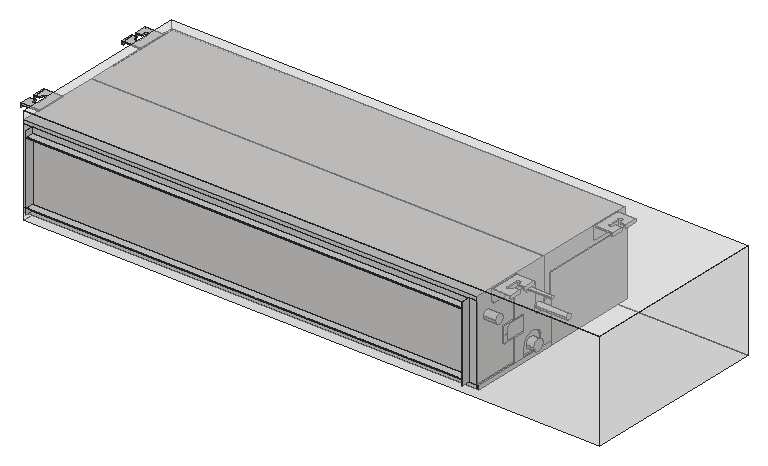
Revit family "outputfile", category 機械設備, Revit 2024
Family settings
  丸型コネクタ寸法 = 半径を使用
  パーツ タイプ = 標準
  OmniClass 番号 = 23.75.10.24.21.27.27
  OmniClass タイトル = Split System Air Conditioning Units
  作業面ベース = いいえ
  常に垂直 = はい
  ロード時にボイドで切り取り = いいえ
  注釈の向きを維持 = いいえ
  共有 = いいえ
  部屋計算ポイント = はい
Parameters (values of type "FDYBA60AV1")
  Description = ""
  書き出し IFC クラス(タイプ) = "IfcUnitaryEquipmentType"
  定義済み IFC タイプ(タイプ) = "AIRCONDITIONINGUNIT"
  Cost = 0
  Type Comments = ""
  Keynote = ""
  Type Image = (empty or 0)
  Assembly Code = ""
  switch_frequency = yes
  lw_socket for drain = 20.0 mm
  lw_liquidpipe = 64.0 mm
  lw_gaspipe = 76.0 mm
  lw_drainpipe = 33.0 mm
  lh_socket for drain = 168.0 mm
  ld_socket for drain = 162.0 mm
  製造元 = "Daikin"
  モデル = "FDYBA60AV1"
  r_Liquid Pipe Size = Liquid Pipe Size / 2  # 3.2 mm
  r_Gas Pipe Size = Gas Pipe Size / 2  # 6.35 mm
  r_Drain Pipe Size = Drain Pipe Size / 2  # 10.0 mm
  lw_powersuply = 65.0 mm  # constant formula
  lh_suctionflange [instance] = [h***] + 100.5 mm  # 100.5 mm
  lh_mounting = lh_mountinghole + [h***]  # 200.0 mm
  ld_suctionflange [instance] = if(and(Rear Connection_Return Air, Width = 700.0 mm), 94.5 mm, if(and(Rear Connection_Return Air, Width = 900.0 mm), 94.0 mm, if(and(Rear Connection_Return Air, Width = 1100.0 mm), 94.0 mm, 100.5 mm)))  # 94.0 mm
  ld_powersuply = 410.0 mm  # constant formula
  ld_mountinghole_Back = 165.0 mm
  ld_mountinghole_Front = 144.0 mm
  ld_RA_below = if(Width = 700.0 mm, 189.0 mm, 188.0 mm)  # 188.0 mm
  ld_RA = if(Width = 700.0 mm, 94.5 mm, 94.0 mm)  # 94.0 mm
  connector_voltage = Voltage_50Hz  # 230 V
  connector_powerinput = if([Power Input (Cooling)] > [Power Input (Heating)], [Power Input (Cooling)], [Power Input (Heating)])  # 0.000 kW
  connector_phase = Phase_50Hz  # 1
  angle_vertical_RA [instance] = if(Rear Connection_Return Air, 90.00°, 0.00°)  # 90.00°
  angle horizontal_RA [instance] = if(Rear Connection_Return Air, 180.00°, 270.00°)  # 180.00°
  Voltage_comment_50Hz = "220 - 240"
  Voltage_50Hz = 230 V
  URL = ""
  Supply Air Direction [instance] = yes
  Sound Power Level_H speed (dB) = 0
  Rear Connection_Return Air [instance] = not(Bottom Connection_Return Air)  # yes
  Phase_50Hz = 1
  Minimum External Static Pressure = 10.00 Pa
  Minimum Circuit Amps_50Hz = 0.0 A
  Maximum Fuse Amps_50Hz = 0.0 A
  Maximum External Static Pressure = 40.00 Pa
  Material_Casing = DAIKIN_GalvanizedSteel_Casing_indoorunit
  ld_liquidpipe = 150.0 mm
  ld_gaspipe = 184.0 mm  # constant formula
  lw_mountinghole = Width + 52.0 mm  # 1152.0 mm
  ld_drainpipe = 28.0 mm  # constant formula
  lh_liquidpipe = 43.0 mm
  lh_gaspipe = 96.0 mm
  lh_mountinghole = 200.0 mm  # constant formula
  lh_drainpipe = 48.0 mm
  h_antenna = Height - lh_mountinghole + 1.0 mm  # 1.0 mm
  h*** = 0.0 mm  # constant formula
  Width = 1100.0 mm
  Version = "ver.1.0"
  Unit Type = "DAS Duct (Demand Response)"
  Unit Mass Weight = 24.00 kg
  Unit Designation [instance] = ""
  Uniclass2015Version = "Products v1.30"
  Uniclass2015Title = "Split coil room air conditioning units"
  Uniclass2015Code = "Pr_70_65_03_86"
  Total Heating Capacity [instance] = 0.000 kW
  Total Cooling Capacity [instance] = 0.000 kW
  Sound Pressure Level_M speed (dBA) = 0
  Sound Pressure Level_L speed (dBA) = 27.2
  Sound Pressure Level_H speed (dBA) = 47.7
  Series = "SkyAir_Fan Coil Unit"
  Sensible Cooling Capacity [instance] = 0.000 kW
  SA Duct Size Width = 1060.0 mm
  SA Duct Size Height = 153.0 mm
  Refrigerant Type = "R32"
  RA Duct Size Width = 975.0 mm
  RA Duct Size Height = 163.0 mm
  Power Input (Heating) = 0.000 kW
  Power Input (Cooling) = 0.000 kW
  Option Accessory 3 [instance] = ""
  Option Accessory 2 [instance] = ""
  Option Accessory 1 [instance] = ""
  Nominal Heating Capacity = 7.000 kW
  Nominal Cooling Capacity = 5.710 kW
  Minimum Airflow = 486.00 m³/h
  Median Airflow = 816.00 m³/h
  Maximum Airflow = 1170.00 m³/h
  Load Classification = HVAC
  Liquid Pipe Size = 6.4 mm
  Link_Nested Family [instance] = ""
  IfcVersion = ""
  IfcExportType = "AIRCONDITIONINGUNIT"
  IfcExportAs = "IfcUnitaryEquipmentType"
  Height = 200.0 mm
  Heating Entering Wet Bulb Temperature [instance] = 0.00 °C
  Heating Entering Dry Bulb Temperature [instance] = 0.00 °C
  Heating Ambient Wet Bulb Temperature [instance] = 0.00 °C
  Heating Ambient Dry Bulb Temperature [instance] = 0.00 °C
  Heat Exchanger Type = "Cross Fin Coil"
  Gas Pipe Size = 12.7 mm
  Frequency_50Hz = 50 Hz
  Fan Type = "Sirocco Fan"
  Fan Drive = "Direct Drive"
  FCU Tag No. [instance] = ""
  Drain Pipe Size = 20.0 mm
  Design Supply Airflow [instance] = 0.00 m³/h
  Design Return Airflow [instance] = 0.00 m³/h
  Design External Static Pressure [instance] = 0.00 Pa
  Depth = 450.0 mm
  既定の高さ = 0.0 mm
  Cooling Entering Wet Bulb Temperature [instance] = 0.00 °C
  Cooling Entering Dry Bulb Temperature [instance] = 0.00 °C
  Cooling Ambient Wet Bulb Temperature [instance] = 0.00 °C
  Cooling Ambient Dry Bulb Temperature [instance] = 0.00 °C
  Clearance visibility [instance] = yes
  Clearance Top = 20.0 mm
  Clearance Right = 300.0 mm
  Clearance Rear = 0.0 mm
  Clearance Left = 0.0 mm
  Clearance Front = 0.0 mm
  Clearance Bottom = 20.0 mm
  Bottom Connection_Return Air [instance] = no
Reference planes
  plane 1 "Center (Front/Back)": y = 0
  plane 2 "Bottom": z = -200
  plane 3 "Center (Left/Right)": x = 0
  plane 4 "Back": y = 225
  plane 5 "Front": y = -225
  plane 6 "Left": x = -550
  plane 7 "Right": x = 550
  plane 8 "Top": z = 0
  plane 9 "BB": y = -20
  plane 10 "condensate water pan": z = -190
  plane 11 "Below": z = -200
  plane 12 "Other components Right": x = 555
  plane 13 "Other components Left": x = 545
  plane 14 "lh_drainpipe": z = -48
  plane 15 "ld_drainpipe": y = -197
  plane 16 "drainpipe": x = 583
  plane 17 "lh_liquidpipe": z = -43
  plane 18 "ld_liquidpipe": y = -75
  plane 19 "ld_gaspipe": y = -41
  plane 20 "lh_gaspipe": z = -96
  plane 21: x = 614
  plane 22: x = 626
  plane 23: x = 570
  plane 24 "w_mountinghole_Left": x = -576
  plane 25 "w_mountinghole_Right": x = 576
  plane 26 "d_mountinghole_Back": y = 165
  plane 27 "d_mountinghole_Front": y = -144
  plane 28 "h_mountinghole": z = 0
  plane 29 "lw_powersuply": x = 485
  plane 30 "ld_powersuply": y = 185
  plane 31 "Clearance Left": x = -550
  plane 32 "Clearance Right": x = 850
  plane 33 "Clearance Rear": y = 225
  plane 34 "Clearance Front": y = -225
  plane 35 "Clearance Bottom": z = -220
  plane 36 "Clearance Top": z = 20
  plane 37 "RA": y = 224
  plane 38: z = -199
  plane 39 "RA_d": y = 131
  plane 40 "RA_w": x = -51.5
  plane 41 "RA_h": z = -99.5
  plane 42 "SA_h": z = -99
  plane 43 "RA_dd": y = 37
  plane 44: y = -63
  plane 45: z = -168
Forms (mm)
  Extrusion 1, solid, material "DAIKIN_GalvanizedSteel_Casing_indoorunit" <- "Material_Casing"
    sketch origin (0, 0, 100) x (0, 1, 0) y (0, 0, 1)
      loop
        line (-20, -100) -> (-20, -300) -> (225, -300) -> (225, -100) -> (-20, -100)
    from -550 to 550
  Extrusion 2, solid, material "DAIKIN_GalvanizedSteel_Casing_indoorunit" <- "Material_Casing"
    sketch origin (0, 0, 100) x (0, 1, 0) y (0, 0, 1)
      loop
        line (-225, -100) -> (-225, -290) -> (-20, -290) -> (-20, -100) -> (-225, -100)
    from -550 to 550
  Extrusion 3, solid, material "DAIKIN_GalvanizedSteel_Casing_indoorunit" <- "Material_Casing"
    sketch origin (0, 0, 100) x (0, 1, 0) y (0, 0, 1)
      loop
        line (-225, -290) -> (-225, -300) -> (-20, -300) -> (-20, -290) -> (-225, -290)
    from -550 to 550
  Extrusion 4, solid, material "DAIKIN_GalvanizedSteel_Casing_indoorunit" <- "Material_Casing"
    sketch origin (0, 0, 0) x (0, 1, 0) y (0, 0, 1)
      loop
        arc (-2, -40) -> (-4.121, -40.879) -> (-5, -43) r 3
        line (-5, -43) -> (-5, -197)
        arc (-5, -197) -> (-4.121, -199.121) -> (-2, -200) r 3
        line (-2, -200) -> (225, -200) -> (225, -40) -> (-2, -40)
    from 550 to 555
  Extrusion 5, solid, material "DAIKIN_GalvanizedSteel_Casing_indoorunit" <- "Material_Casing"
    sketch origin (620, 0, 0) x (0, 1, 0) y (0, 0, 1)
      loop
        line (-225, -190) -> (-225, -200) -> (-5, -200) -> (-5, -193)
        arc (-5, -193) -> (-5.879, -190.879) -> (-8, -190) r 3
        line (-8, -190) -> (-225, -190)
    from -70 to -65
  Extrusion 6, void
    sketch origin (0, 0, 0) x (0, 1, 0) y (0, 0, 1)
      loop
        arc (-145.64, -94.17) -> (-147.761, -95.049) -> (-148.64, -97.17) r 3
        line (-148.64, -97.17) -> (-148.64, -131.17)
        arc (-148.64, -131.17) -> (-147.761, -133.291) -> (-145.64, -134.17) r 3
        line (-145.64, -134.17) -> (-91.78, -134.17)
        arc (-91.78, -134.17) -> (-89.659, -133.291) -> (-88.78, -131.17) r 3
        line (-88.78, -131.17) -> (-88.78, -97.17)
        arc (-88.78, -97.17) -> (-89.659, -95.049) -> (-91.78, -94.17) r 3
        line (-91.78, -94.17) -> (-145.64, -94.17)
    from 545 to 555
  Extrusion 7, solid, material "DAIKIN_GalvanizedSteel_Casing_indoorunit" <- "Material_Casing"
    sketch origin (0, 0, 0) x (0, 1, 0) y (0, 0, 1)
      loop
        line (-91.78, -95.17) -> (-145.64, -95.17)
        arc (-145.64, -95.17) -> (-147.054, -95.756) -> (-147.64, -97.17) r 2
        line (-147.64, -97.17) -> (-147.64, -131.17)
        arc (-147.64, -131.17) -> (-147.054, -132.584) -> (-145.64, -133.17) r 2
        line (-145.64, -133.17) -> (-91.78, -133.17)
        arc (-91.78, -133.17) -> (-90.366, -132.584) -> (-89.78, -131.17) r 2
        line (-89.78, -131.17) -> (-89.78, -97.17)
        arc (-89.78, -97.17) -> (-90.366, -95.756) -> (-91.78, -95.17) r 2
    from 545 to 555
  Extrusion 8, solid, material "DAIKIN_GalvanizedSteel_Casing_indoorunit" <- "Material_Casing"
    sketch origin (0, 0, 0) x (0, 1, 0) y (0, 0, 1)
      loop
        line (-89.78, -97.67) -> (-136.14, -97.67) -> (-136.14, -130.67) -> (-89.78, -130.67) -> (-89.78, -97.67)
      loop
        circle (-142.64, -114.17) r 1.5
    from 550 to 555
  Extrusion 9, solid, material "DAIKIN_GalvanizedSteel_Casing_indoorunit" <- "Material_Casing"
    sketch origin (0, 0, 0) x (0, 1, 0) y (0, 0, 1)
      loop
        circle (-197, -48) r 10
    from 550 to 583
  Extrusion 10, solid, material "DAIKIN_GalvanizedSteel_Casing_indoorunit" <- "Material_Casing"
    sketch origin (0, 0, 0) x (0, 1, 0) y (0, 0, 1)
      loop
        circle (-75, -43) r 3.2
    from 550 to 614
  Extrusion 11, solid, material "DAIKIN_GalvanizedSteel_Casing_indoorunit" <- "Material_Casing"
    sketch origin (0, 0, 0) x (0, 1, 0) y (0, 0, 1)
      loop
        circle (-41, -96) r 6.35
    from 550 to 626
  Extrusion 12, solid, material "DAIKIN_GalvanizedSteel_Casing_indoorunit" <- "Material_Casing"
    sketch origin (0, 0, 0) x (0, 1, 0) y (0, 0, 1)
      loop
        circle (-63, -168) r 13
    from 550 to 570
  Extrusion 13, void
    sketch origin (0, 0, 0) x (1, 0, 0) y (0, 0, 1)
      loop
        line (446, -1) -> (-549, -1) -> (-549, -200) -> (446, -200) -> (446, -1)
    from -225 to -37
  Extrusion 14, solid, material "DAIKIN_GalvanizedSteel_Casing_indoorunit" <- "Material_Casing", visible <- "Bottom Connection_Return Air"
    sketch origin (0, 0, 0) x (1, 0, 0) y (0, 0, 1)
      loop
        line (446, -1) -> (-549, -1) -> (-549, -200) -> (446, -200) -> (446, -1)
    from -225 to -224
  Extrusion 15, solid, material "DAIKIN_GalvanizedSteel_Casing_indoorunit" <- "Material_Casing", visible <- "Rear Connection_Return Air"
    sketch origin (0, 0, 0) x (1, 0, 0) y (0, 1, 0)
      loop
        line (-549, 37) -> (446, 37) -> (446, 225) -> (-549, 225) -> (-549, 37)
    from -200 to -199
  Extrusion 16, solid, material "DAIKIN_GalvanizedSteel_Casing_indoorunit" <- "Material_Casing"
    sketch origin (550, 0, 0) x (0, 1, 0) y (0, 0, 1)
      loop
        line (-115, -39) -> (-115, -94.17) -> (-90.78, -94.17)
        arc (-90.78, -94.17) -> (-88.659, -95.049) -> (-87.78, -97.17) r 3
        line (-87.78, -97.17) -> (-87.78, -131.17)
        arc (-87.78, -131.17) -> (-88.659, -133.291) -> (-90.78, -134.17) r 3
        line (-90.78, -134.17) -> (-116, -134.17) -> (-116, -190) -> (-90, -190) -> (-90, -168)
        arc (-90, -168) -> (-63, -141) -> (-36, -168) r 27
        line (-36, -168) -> (-36, -190) -> (-5, -190) -> (-5, -91) -> (-25.125, -91)
        arc (-25.125, -91) -> (-43.209, -112.496) -> (-55, -87) r 16.643
        line (-55, -87) -> (-55, -39) -> (-65.835, -39)
        arc (-65.835, -39) -> (-75, -53) -> (-84.165, -39) r 10
        line (-84.165, -39) -> (-115, -39)
    from 0 to 5
Cuts and joins
  Extrusion 6 cuts Extrusion 2
  Extrusion 13 cuts Extrusion 1
Dimensions and locks
  equal spacing: plane 4 "Back", plane 1 "Center (Front/Back)", plane 5 "Front"
  "Depth": plane 4 "Back" to plane 5 "Front"
  equal spacing: plane 6 "Left", plane 3 "Center (Left/Right)", plane 7 "Right"
  "Width": plane 6 "Left" to plane 7 "Right"
  locked: plane 1 "Center (Front/Back)" to plane 9 "BB" at 20
  "h***": plane 11 "Below" to plane 2 "Bottom"
  locked: plane 10 "condensate water pan" to plane 11 "Below" at 10
  "Height": plane 8 "Top" to plane 11 "Below"
  locked: Extrusion 4 sketch curve to plane 4 "Back" at 230
  locked: Extrusion 4 sketch curve to plane 11 "Below" at 160
  locked: plane 7 "Right" to plane 12 "Other components Right" at 5
  locked: plane 13 "Other components Left" to plane 7 "Right" at 5
  "ld_drainpipe": plane 15 "ld_drainpipe" to plane 5 "Front"
  "lw_drainpipe": plane 7 "Right" to plane 16 "drainpipe"
  "ld_liquidpipe": plane 18 "ld_liquidpipe" to plane 5 "Front"
  "ld_gaspipe": plane 19 "ld_gaspipe" to plane 5 "Front"
  "lw_liquidpipe": plane 7 "Right" to plane 21
  "lw_gaspipe": plane 7 "Right" to plane 22
  "lw_socket for drain": plane 7 "Right" to plane 23
  equal spacing: plane 24 "w_mountinghole_Left", plane 3 "Center (Left/Right)", plane 25 "w_mountinghole_Right"
  "lw_mountinghole": plane 24 "w_mountinghole_Left" to plane 25 "w_mountinghole_Right"
  plane 26 "d_mountinghole_Back" to plane 27 "d_mountinghole_Front" = 309.0 mm
  "lh_mountinghole": plane 28 "h_mountinghole" to plane 11 "Below"
  "lw_powersuply": plane 29 "lw_powersuply" to plane 7 "Right"
  "ld_powersuply": plane 5 "Front" to plane 30 "ld_powersuply"
  "Clearance Rear": plane 33 "Clearance Rear" to plane 4 "Back"
  "Clearance Front": plane 5 "Front" to plane 34 "Clearance Front"
  "Clearance Bottom": plane 11 "Below" to plane 35 "Clearance Bottom"
  "Clearance Top": plane 36 "Clearance Top" to plane 8 "Top"
  "Clearance Left": plane 31 "Clearance Left" to plane 6 "Left"
  "Clearance Right": plane 7 "Right" to plane 32 "Clearance Right"
  locked: cut or joined group of Extrusion 1, Extrusion 13 to plane 6 "Left" at 1
  locked: plane 7 "Right" to cut or joined group of Extrusion 1, Extrusion 13 at 104
  locked: plane 4 "Back" to plane 37 "RA" at 1
  locked: plane 6 "Left" to Extrusion 15 sketch curve at 1
  locked: Extrusion 15 sketch curve to plane 7 "Right" at 104
  locked: plane 38 to plane 11 "Below" at 1
  locked: plane 40 "RA_w" to plane 3 "Center (Left/Right)" at 51.5
  "ld_RA": plane 39 "RA_d" to plane 4 "Back"
  locked: plane 11 "Below" to plane 41 "RA_h" at 100.5
  locked: plane 11 "Below" to plane 42 "SA_h" at 101
  "ld_mountinghole_Back": plane 26 "d_mountinghole_Back" to plane 1 "Center (Front/Back)"
  "ld_mountinghole_Front": plane 27 "d_mountinghole_Front" to plane 1 "Center (Front/Back)"
  "ld_RA_below": plane 4 "Back" to plane 43 "RA_dd"
  plane 27 "d_mountinghole_Front" to plane 5 "Front" = 81.0 mm
  "lh_drainpipe": plane 8 "Top" to plane 14 "lh_drainpipe"
  "lh_liquidpipe": plane 8 "Top" to plane 17 "lh_liquidpipe"
  "lh_gaspipe": plane 8 "Top" to plane 20 "lh_gaspipe"
  "ld_socket for drain": plane 44 to plane 5 "Front"
  "lh_socket for drain": plane 8 "Top" to plane 45
  locked: Extrusion 16 sketch curve to Extrusion 16 sketch curve at 111
  locked: Extrusion 16 sketch curve to Extrusion 16 sketch curve at 151
  "r_Liquid Pipe Size": radius of Extrusion 10 sketch curve
  "r_Gas Pipe Size": radius of Extrusion 11 sketch curve
  "r_Drain Pipe Size": radius of Extrusion 9 sketch curve
  aligned and locked: Extrusion 1 sketch curve to plane 8 "Top"
  aligned and locked: plane 9 "BB" to Extrusion 1 sketch curve
  aligned and locked: Extrusion 1 sketch curve to plane 4 "Back"
  aligned and locked: Extrusion 2 sketch curve to plane 9 "BB"
  aligned and locked: Extrusion 2 sketch curve to plane 8 "Top"
  aligned and locked: plane 5 "Front" to Extrusion 2 sketch curve
  aligned and locked: Extrusion 1 to plane 6 "Left"
  aligned and locked: plane 7 "Right" to Extrusion 1
  aligned and locked: Extrusion 2 to plane 6 "Left"
  aligned and locked: plane 7 "Right" to Extrusion 2
  aligned and locked: plane 10 "condensate water pan" to Extrusion 2 sketch curve
  aligned and locked: Extrusion 3 sketch curve to plane 10 "condensate water pan"
  aligned and locked: plane 5 "Front" to Extrusion 3 sketch curve
  aligned and locked: Extrusion 3 sketch curve to plane 9 "BB"
  aligned and locked: Extrusion 3 to plane 6 "Left"
  aligned and locked: plane 7 "Right" to Extrusion 3
  aligned and locked: plane 11 "Below" to Extrusion 3
  aligned and locked: Extrusion 1 to plane 11 "Below"
  aligned and locked: plane 11 "Below" to Extrusion 4 sketch curve
  aligned and locked: Extrusion 4 sketch curve to plane 4 "Back"
  aligned and locked: Extrusion 4 to plane 7 "Right"
  aligned and locked: plane 12 "Other components Right" to Extrusion 4
  aligned and locked: Extrusion 5 sketch curve to plane 10 "condensate water pan"
  aligned and locked: plane 5 "Front" to Extrusion 5 sketch curve
  aligned and locked: plane 11 "Below" to Extrusion 5 sketch curve
  aligned and locked: Extrusion 5 to plane 7 "Right"
  aligned and locked: plane 12 "Other components Right" to Extrusion 5
  aligned and locked: Extrusion 6 to plane 13 "Other components Left"
  aligned and locked: plane 12 "Other components Right" to Extrusion 6
  aligned and locked: Extrusion 8 to plane 7 "Right"
  aligned and locked: Extrusion 7 to plane 13 "Other components Left"
  aligned and locked: plane 16 "drainpipe" to Extrusion 9
  aligned and locked: Extrusion 9 to plane 7 "Right"
  aligned and locked: plane 12 "Other components Right" to Extrusion 7
  aligned and locked: plane 12 "Other components Right" to Extrusion 8
  aligned and locked: Extrusion 10 to plane 7 "Right"
  aligned and locked: plane 21 to Extrusion 10
  aligned and locked: plane 19 "ld_gaspipe" to Extrusion 11 sketch curve
  aligned and locked: plane 20 "lh_gaspipe" to Extrusion 11 sketch curve
  aligned and locked: plane 18 "ld_liquidpipe" to Extrusion 10 sketch curve
  aligned and locked: plane 17 "lh_liquidpipe" to Extrusion 10 sketch curve
  aligned and locked: plane 14 "lh_drainpipe" to Extrusion 9 sketch curve
  aligned and locked: plane 15 "ld_drainpipe" to Extrusion 9 sketch curve
  aligned and locked: Extrusion 11 to plane 7 "Right"
  aligned and locked: plane 22 to Extrusion 11
  aligned and locked: Extrusion 12 to plane 7 "Right"
  aligned and locked: plane 23 to Extrusion 12
  aligned and locked: plane 25 "w_mountinghole_Right" to nested 2
  aligned and locked: plane 26 "d_mountinghole_Back" to nested 2
  aligned and locked: plane 28 "h_mountinghole" to nested 2
  aligned and locked: plane 27 "d_mountinghole_Front" to nested 3
  aligned and locked: plane 25 "w_mountinghole_Right" to nested 3
  aligned and locked: plane 24 "w_mountinghole_Left" to nested 4
  aligned and locked: plane 26 "d_mountinghole_Back" to nested 4
  aligned and locked: plane 24 "w_mountinghole_Left" to nested 5
  aligned and locked: nested 5 to plane 27 "d_mountinghole_Front"
  aligned and locked: plane 28 "h_mountinghole" to nested 4
  aligned and locked: plane 28 "h_mountinghole" to nested 5
  aligned and locked: plane 28 "h_mountinghole" to nested 3
  aligned and locked: plane 24 "w_mountinghole_Left" to nested 1
  aligned and locked: nested 1 to plane 26 "d_mountinghole_Back"
  aligned and locked: plane 27 "d_mountinghole_Front" to nested 6
  aligned and locked: plane 24 "w_mountinghole_Left" to nested 6
  aligned and locked: nested 7 to plane 25 "w_mountinghole_Right"
  aligned and locked: plane 26 "d_mountinghole_Back" to nested 7
  aligned and locked: plane 27 "d_mountinghole_Front" to nested 8
  aligned and locked: nested 8 to plane 25 "w_mountinghole_Right"
  aligned and locked: plane 15 "ld_drainpipe" to nested 9
  aligned and locked: plane 7 "Right" to nested 9
  aligned and locked: plane 14 "lh_drainpipe" to nested 9
  aligned and locked: plane 7 "Right" to nested 11
  aligned and locked: plane 7 "Right" to nested 10
  aligned and locked: plane 18 "ld_liquidpipe" to nested 10
  aligned and locked: plane 19 "ld_gaspipe" to nested 11
  aligned and locked: nested 10 to plane 17 "lh_liquidpipe"
  aligned and locked: nested 11 to plane 20 "lh_gaspipe"
  aligned and locked: plane 31 "Clearance Left" to nested 12
  aligned and locked: nested 12 to plane 33 "Clearance Rear"
  aligned and locked: plane 34 "Clearance Front" to nested 12
  aligned and locked: nested 12 to plane 32 "Clearance Right"
  aligned and locked: plane 36 "Clearance Top" to nested 12
  aligned and locked: plane 35 "Clearance Bottom" to nested 12
  aligned and locked: nested 13 to plane 29 "lw_powersuply"
  aligned and locked: plane 30 "ld_powersuply" to nested 13
  aligned and locked: nested 13 to plane 20 "lh_gaspipe"
  aligned and locked: plane 3 "Center (Left/Right)" to nested 14
  aligned and locked: plane 1 "Center (Front/Back)" to nested 14
  aligned and locked: plane 1 "Center (Front/Back)" to nested 15
  aligned and locked: nested 15 to plane 11 "Below"
  aligned and locked: plane 3 "Center (Left/Right)" to nested 16
  aligned and locked: plane 3 "Center (Left/Right)" to nested 17
  aligned and locked: plane 8 "Top" to nested 16
  aligned and locked: plane 4 "Back" to Extrusion 13
  aligned and locked: plane 4 "Back" to Extrusion 14
  aligned and locked: Extrusion 14 to plane 37 "RA"
  aligned and locked: Extrusion 15 to plane 11 "Below"
  aligned and locked: plane 38 to Extrusion 15
  aligned and locked: plane 39 "RA_d" to nested 18
  aligned and locked: plane 1 "Center (Front/Back)" to nested 19
  aligned and locked: plane 3 "Center (Left/Right)" to nested 19
  aligned and locked: plane 42 "SA_h" to nested 19
  aligned and locked: nested 16 to plane 37 "RA"
  aligned and locked: nested 16 to plane 4 "Back"
  aligned and locked: nested 17 to plane 38
  aligned and locked: nested 17 to plane 37 "RA"
  aligned and locked: Extrusion 13 to plane 43 "RA_dd"
  aligned and locked: Extrusion 15 sketch curve to plane 43 "RA_dd"
  aligned and locked: level to plane 8 "Top"
  aligned and locked: plane 45 to Extrusion 12 sketch curve
  aligned and locked: plane 44 to Extrusion 12 sketch curve
  aligned and locked: Extrusion 4 to Extrusion 16 sketch curve
Automatic sketch dimensions
  Extrusion 1 sketch curve to plane 10 "condensate water pan" = 10.0 mm
  Extrusion 3 sketch curve to plane 10 "condensate water pan" = 10.0 mm
  Extrusion 4 sketch curve to plane 10 "condensate water pan" = 7.0 mm
  plane 1 "Center (Front/Back)" to Extrusion 4 sketch curve = 2.0 mm
  plane 1 "Center (Front/Back)" to Extrusion 5 sketch curve = 5.0 mm
  Extrusion 5 sketch curve to plane 10 "condensate water pan" = 3.0 mm
  plane 5 "Front" to Extrusion 6 sketch curve = 76.36 mm
  Extrusion 6 sketch curve to Extrusion 6 sketch curve = 3.0 mm  (x3)
  Extrusion 6 sketch curve to Extrusion 6 sketch curve = 53.86 mm
  Extrusion 6 sketch curve to Extrusion 6 sketch curve = 0.0 mm
  plane 10 "condensate water pan" to Extrusion 6 sketch curve = 55.83 mm
  Extrusion 6 sketch curve to Extrusion 6 sketch curve = 34.0 mm
  plane 5 "Front" to Extrusion 7 sketch curve = 79.36 mm
  Extrusion 7 sketch curve to Extrusion 7 sketch curve = 2.0 mm  (x3)
  Extrusion 7 sketch curve to Extrusion 7 sketch curve = 53.86 mm
  Extrusion 7 sketch curve to Extrusion 7 sketch curve = 0.0 mm
  plane 10 "condensate water pan" to Extrusion 7 sketch curve = 56.83 mm
  Extrusion 7 sketch curve to Extrusion 7 sketch curve = 34.0 mm
  plane 5 "Front" to Extrusion 8 sketch curve = 82.36 mm
  Extrusion 8 sketch curve to Extrusion 8 sketch curve = 6.5 mm
  Extrusion 8 sketch curve to Extrusion 8 sketch curve = 46.36 mm
  plane 10 "condensate water pan" to Extrusion 8 sketch curve = 59.33 mm
  Extrusion 8 sketch curve to Extrusion 8 sketch curve = 16.5 mm  (x2)
  plane 6 "Left" to Extrusion 13 sketch curve = 1.0 mm
  plane 35 "Clearance Bottom" to Extrusion 13 sketch curve = 20.0 mm
  plane 29 "lw_powersuply" to Extrusion 13 sketch curve = 39.0 mm
  Extrusion 13 sketch curve to plane 8 "Top" = 1.0 mm
  plane 6 "Left" to Extrusion 14 sketch curve = 1.0 mm
  Extrusion 14 sketch curve to plane 11 "Below" = 0.0 mm
  plane 29 "lw_powersuply" to Extrusion 14 sketch curve = 39.0 mm
  Extrusion 14 sketch curve to plane 8 "Top" = 1.0 mm
  Extrusion 15 sketch curve to plane 4 "Back" = 0.0 mm
  Extrusion 16 sketch curve to plane 10 "condensate water pan" = 0.0 mm  (x2)
  Extrusion 16 sketch curve to plane 17 "lh_liquidpipe" = 0.0 mm
  Extrusion 16 sketch curve to plane 18 "ld_liquidpipe" = 0.0 mm
  Extrusion 16 sketch curve to plane 44 = 0.0 mm
  Extrusion 16 sketch curve to plane 19 "ld_gaspipe" = 0.0 mm
  Extrusion 16 sketch curve to plane 45 = 0.0 mm
  Extrusion 16 sketch curve to plane 20 "lh_gaspipe" = 0.0 mm
  Extrusion 16 sketch curve to plane 18 "ld_liquidpipe" = 9.165 mm
  Extrusion 16 sketch curve to plane 20 "lh_gaspipe" = 1.17 mm
  Extrusion 16 sketch curve to plane 18 "ld_liquidpipe" = 12.78 mm
  Extrusion 16 sketch curve to Extrusion 16 sketch curve = 3.0 mm
  plane 20 "lh_gaspipe" to Extrusion 16 sketch curve = 1.83 mm
  Extrusion 16 sketch curve to Extrusion 16 sketch curve = 24.22 mm
  plane 17 "lh_liquidpipe" to Extrusion 16 sketch curve = 4.0 mm
  plane 44 to Extrusion 16 sketch curve = 8.0 mm
  plane 45 to Extrusion 16 sketch curve = 33.83 mm
  plane 20 "lh_gaspipe" to Extrusion 16 sketch curve = 5.0 mm
  plane 20 "lh_gaspipe" to Extrusion 16 sketch curve = 9.0 mm
  plane 19 "ld_gaspipe" to Extrusion 16 sketch curve = 5.0 mm
  Extrusion 16 sketch curve to Extrusion 16 sketch curve = 0.0 mm
  radius of Extrusion 8 sketch curve = 1.5 mm
  radius of Extrusion 12 sketch curve = 13.0 mm
Nested families
  nested 1: "daikin_mountinghole" at (-576, 165, -200), h_mountinghole <- "lh_mounting", l_antenna <- "h_antenna", Link_Nested Family <- "Link_Nested Family", type "daikin_mountinghole"
    with show yes, l_antenna 1.0 mm, h_mountinghole 200.0 mm, Link_Nested Family ""
  nested 2: "daikin_hangerfixture_FDYBA-AV1" at (550, 165, 0), type "daikin_hangerfixture_FDYBA-AV1"
  nested 3: "daikin_hangerfixture_FDYBA-AV1" at (550, -144, 0), type "daikin_hangerfixture_FDYBA-AV1"
  nested 4: "daikin_hangerfixture_FDYBA-AV1" at (-550, 165, 0) x (-1, 0, 0) z (0, 0, 1), type "daikin_hangerfixture_FDYBA-AV1"
  nested 5: "daikin_hangerfixture_FDYBA-AV1" at (-550, -144, 0) x (-1, 0, 0) z (0, 0, 1), type "daikin_hangerfixture_FDYBA-AV1"
  nested 6: "daikin_mountinghole" at (-576, -144, -200), h_mountinghole <- "lh_mounting", l_antenna <- "h_antenna", Link_Nested Family <- "Link_Nested Family", type "daikin_mountinghole"
    with show yes, l_antenna 1.0 mm, h_mountinghole 200.0 mm, Link_Nested Family ""
  nested 7: "daikin_mountinghole" at (576, 165, -200), h_mountinghole <- "lh_mounting", l_antenna <- "h_antenna", Link_Nested Family <- "Link_Nested Family", type "daikin_mountinghole"
    with show yes, l_antenna 1.0 mm, h_mountinghole 200.0 mm, Link_Nested Family ""
  nested 8: "daikin_mountinghole" at (576, -144, -200), h_mountinghole <- "lh_mounting", l_antenna <- "h_antenna", Link_Nested Family <- "Link_Nested Family", type "daikin_mountinghole"
    with show yes, l_antenna 1.0 mm, h_mountinghole 200.0 mm, Link_Nested Family ""
  nested 9: "daikin_connector_rotate2" at (550, -197, -48) x (0, 1, 0) z (0, 0, 1), radius <- "r_Drain Pipe Size", type "daikin_connector_rotate2"
    with radius 10.0 mm, length 33.0 mm, angle_vertical 90.00°, show_face no
  nested 10: "daikin_connector_rotate2" at (550, -75, -43) x (0, 1, 0) z (0, 0, 1), radius <- "r_Liquid Pipe Size", type "daikin_connector_rotate2"
    with radius 3.2 mm, length 64.0 mm, angle_vertical 90.00°, show_face no
  nested 11: "daikin_connector_rotate2" at (550, -41, -96) x (0, 1, 0) z (0, 0, 1), radius <- "r_Gas Pipe Size", type "daikin_connector_rotate2"
    with radius 6.35 mm, length 76.0 mm, angle_vertical 90.00°, show_face no
  nested 12: "daikin_clearancespace" at (150, 0, -99.881), visible <- "Clearance visibility", show <- "Clearance visibility", Link_Nested Family <- "Link_Nested Family", type "daikin_clearancespace"
    with width 1400.0 mm, show yes, height 240.0 mm, depth 450.0 mm, Link_Nested Family ""
  nested 13: "daikin_connector_rotate2" at (485, 185, -96) x (1, 0, 0) z (0, -1, 0), type "daikin_connector_rotate2"
    with radius 10.0 mm, length 104.0 mm, angle_vertical 90.00°, show_face no
  nested 14: "daikin_△_symbolicline" at (0, 0, 200), visible <- "Supply Air Direction", built-in parameter 1001360 <- "Height", type "daikin_△_symbolicline"
    with length 200.0 mm
  nested 15: "daikin_ductflange_FDYBA-AV1_1" at (0, 0, -364.701), width <- "SA Duct Size Width", height <- "SA Duct Size Height", material <- "Material_Casing", type "daikin_ductflange_FDYBA-AV1_1"
    with width 1060.0 mm, material DAIKIN_GalvanizedSteel_Casing_indoorunit, height 153.0 mm, depth 20.0 mm
  nested 16: "daikin_ductflange_FDYBA-AV1_2" at (0, 225, -99.5), visible <- "Rear Connection_Return Air", height <- "RA Duct Size Height", width <- "RA Duct Size Width", material <- "Material_Casing", type "daikin_ductflange_FDYBA-AV1_2"
    with width 975.0 mm, material DAIKIN_GalvanizedSteel_Casing_indoorunit, height 163.0 mm, depth 1.0 mm
  nested 17: "daikin_ductflange_FDYBA-AV1_2" at (0, 125.5, -200) x (1, 0, 0) z (0, 1, 0), visible <- "Bottom Connection_Return Air", width <- "RA Duct Size Width", height <- "RA Duct Size Height", type "daikin_ductflange_FDYBA-AV1_2"
    with width 975.0 mm, material DAIKIN_GalvanizedSteel_Casing_indoorunit, height 163.0 mm, depth 1.0 mm
  nested 18: "daikin_connector_rotate3" at (-51.5, 131, -99.5), angle_vertical <- "angle_vertical_RA", angle_horizontal <- "angle horizontal_RA", length <- "ld_suctionflange", built-in parameter 1001364 <- "lh_suctionflange", type "daikin_connector_rotate3"
    with show no, radius 10.0 mm, length 94.0 mm, angle_vertical 90.00°, angle_horizontal 180.00°
  nested 19: "daikin_connector_rotate2" at (0, 0, -99), type "daikin_connector_rotate2"
    with radius 10.0 mm, length 245.0 mm, angle_vertical 90.00°, show_face no
Connectors
  piping at (583, -197, -48), diameter 20, driven by "r_Drain Pipe Size"
    settings: on nested 9, index 1, connector inside diameter 609.6 mm, connector length 0.0 mm, flow factor 0, pipe flow 0.00 m³/h, pressure drop 0.0 Pa, fitting loss kfactor 0, connector angle 0.00°, fixture units 0, engagement length 0.0 mm, angle of deflection 0.00°, flow configuration 1, flow direction 2, fitting loss method 4, system type 16, joint type 0, gender type 0, connector reference index -1, connector utility 0, adjustable connector no, is connector primary yes, connector description "Condensate Drain Piping"
  piping at (626, -41, -96), diameter 12.7, driven by "r_Gas Pipe Size"
    settings: on nested 11, index 2, connector inside diameter 609.6 mm, connector length 0.0 mm, flow factor 0, pipe flow 0.00 m³/h, pressure drop 0.0 Pa, fitting loss kfactor 0, connector angle 0.00°, fixture units 0, engagement length 0.0 mm, angle of deflection 0.00°, flow configuration 1, flow direction 2, fitting loss method 0, system type 29, joint type 0, gender type 0, connector reference index -1, connector utility 0, adjustable connector no, is connector primary no, connector description "Refrigerant Gas Piping"
  piping at (614, -75, -43), diameter 6.4, driven by "r_Liquid Pipe Size"
    settings: on nested 10, index 3, connector inside diameter 609.6 mm, connector length 0.0 mm, flow factor 0, pipe flow 0.00 m³/h, pressure drop 0.0 Pa, fitting loss kfactor 0, connector angle 0.00°, fixture units 0, engagement length 0.0 mm, angle of deflection 0.00°, flow configuration 1, flow direction 1, fitting loss method 0, system type 29, joint type 0, gender type 0, connector reference index -1, connector utility 0, adjustable connector no, is connector primary no, connector description "Refrigerant Liquid Piping"
  electrical at (485, 185, -200), driven by "Load Classification", driven by "connector_powerinput", driven by "connector_phase", driven by "connector_voltage"
    settings: on nested 13, index 4, voltage 230 V, apparent load 0 VA, apparent load phase1 0 VA, apparent load phase2 0 VA, apparent load phase3 0 VA, power factor 1, load classification "HVAC", number of poles 1, system type 30, power factor state 1, is connector primary yes, connector utility no, sub classification motor no, connector description "Power Supply"
  hvac at (-51.5, 225, -99.5), driven by "RA Duct Size Height", driven by "RA Duct Size Width"
    settings: on nested 18, index 5, duct flow 0.00 m³/h, flow factor 0, pres drop 0.00 Pa, loss coef 0, conn angle 0.00°, conn width 975.0 mm, conn height 163.0 mm, conn diameter 609.6 mm, duct sys type 2, conn prof type 1, flow config 0, flow direction 1, loss method 4, conn ref index -1, conn util no, is conn primary yes, conn desc "RA Duct"
  hvac at (0, -245, -99), driven by "SA Duct Size Height", driven by "SA Duct Size Width"
    settings: on nested 19, index 6, duct flow 0.00 m³/h, flow factor 0, pres drop 0.00 Pa, loss coef 0, conn angle 0.00°, conn width 1060.0 mm, conn height 153.0 mm, conn diameter 609.6 mm, duct sys type 1, conn prof type 1, flow config 0, flow direction 2, loss method 4, conn ref index -1, conn util no, is conn primary no, conn desc "SA Duct"
Definition of nested family "daikin_hangerfixture_FDYBA-AV1"
  Parameters (values of type "daikin_hangerfixture_FDYBA-AV1")
    width = 46.0 mm
    material = none
    height = 32.0 mm
    depth = 70.0 mm
    Default Elevation = 0.0 mm
  Reference planes
    plane 1 "Center (Front/Back)": y = 0
    plane 2: z = 0
    plane 3 "Center (Left/Right)": x = 0
    plane 4: z = -32
    plane 5: y = 35
    plane 6: y = -35
    plane 7: x = 46
    plane 8: z = -2
    plane 9: x = 44
    plane 10: x = 2
    plane 11: x = 26
  Forms (mm)
    Extrusion 1, solid, material <- "material"
      sketch origin (0, 0, 0) x (1, 0, 0) y (0, 1, 0)
        loop
          line (0, 35) -> (0, -35) -> (46, -35) -> (46, -6.5) -> (31.85, -6.5) -> (31.85, -12.15)
          arc (31.85, -12.15) -> (26, -18) -> (20.15, -12.15) r 5.85
          line (20.15, -12.15) -> (20.15, 12.15)
          arc (20.15, 12.15) -> (26, 18) -> (31.85, 12.15) r 5.85
          line (31.85, 12.15) -> (31.85, 6.5) -> (46, 6.5) -> (46, 35) -> (0, 35)
      from -2 to 0
    Extrusion 2, solid, material <- "material"
      sketch origin (0, 0, 0) x (0, 1, 0) y (0, 0, 1)
        loop
          line (35, 0) -> (6.5, 0) -> (6.5, -5)
          arc (6.5, -5) -> (7.379, -7.121) -> (9.5, -8) r 3
          line (9.5, -8) -> (32, -8)
          arc (32, -8) -> (34.121, -7.121) -> (35, -5) r 3
          line (35, -5) -> (35, 0)
        loop
          line (-35, 0) -> (-35, -5)
          arc (-35, -5) -> (-34.121, -7.121) -> (-32, -8) r 3
          line (-32, -8) -> (-9.5, -8)
          arc (-9.5, -8) -> (-7.379, -7.121) -> (-6.5, -5) r 3
          line (-6.5, -5) -> (-6.5, 0) -> (-35, 0)
      from 44 to 46
    Extrusion 3, solid, material <- "material"
      sketch origin (0, 0, 0) x (0, 1, 0) y (0, 0, 1)
        loop
          line (-37.5, 0) -> (-37.5, -27) -> (-32.5, -32) -> (32.5, -32) -> (37.5, -27) -> (37.5, 0) -> (-37.5, 0)
      from 0 to 2
  Cuts and joins
    joined: Extrusion 1, Extrusion 2, Extrusion 3
  Dimensions and locks
    "height": plane 2 to plane 4
    plane 2 to plane 8 = 2.0 mm
    equal spacing: plane 5, plane 1 "Center (Front/Back)", plane 6
    "depth": plane 5 to plane 6
    "width": plane 3 "Center (Left/Right)" to plane 7
    plane 3 "Center (Left/Right)" to plane 11 to plane 7 = 26.0 mm, 20.0 mm
    locked: cut or joined group of Extrusion 1, Extrusion 2, Extrusion 3 to plane 5 at 2.5
    locked: cut or joined group of Extrusion 1, Extrusion 2, Extrusion 3 to plane 6 at 2.5
    aligned and locked: level to plane 2
    aligned and locked: plane 2 to Extrusion 1
    aligned and locked: Extrusion 1 to plane 8
    aligned and locked: plane 7 to Extrusion 2
    aligned and locked: Extrusion 2 to plane 9
    aligned and locked: plane 2 to Extrusion 2
    aligned and locked: plane 4 to Extrusion 3 sketch curve
    aligned and locked: Extrusion 3 sketch curve to plane 2
    aligned and locked: Extrusion 3 to plane 3 "Center (Left/Right)"
    aligned and locked: Extrusion 3 to plane 10
  Automatic sketch dimensions
    Extrusion 1 sketch curve to plane 3 "Center (Left/Right)" = 0.0 mm
    Extrusion 1 sketch curve to plane 7 = 0.0 mm  (x2)
    Extrusion 1 sketch curve to plane 6 = 0.0 mm
    Extrusion 1 sketch curve to plane 5 = 0.0 mm
    plane 3 "Center (Left/Right)" to Extrusion 1 sketch curve = 20.15 mm
    Extrusion 1 sketch curve to Extrusion 1 sketch curve = 5.85 mm  (x2)
    plane 1 "Center (Front/Back)" to Extrusion 1 sketch curve = 12.15 mm
    Extrusion 1 sketch curve to Extrusion 1 sketch curve = 5.65 mm  (x2)
    Extrusion 1 sketch curve to plane 1 "Center (Front/Back)" = 6.5 mm
    Extrusion 2 sketch curve to level = 0.0 mm  (x2)
    Extrusion 2 sketch curve to plane 6 = 0.0 mm
    Extrusion 2 sketch curve to Extrusion 2 sketch curve = 3.0 mm  (x2)
    plane 1 "Center (Front/Back)" to Extrusion 2 sketch curve = 9.5 mm
    plane 1 "Center (Front/Back)" to Extrusion 2 sketch curve = 6.5 mm
    Extrusion 2 sketch curve to plane 1 "Center (Front/Back)" = 6.5 mm
    Extrusion 2 sketch curve to plane 5 = 3.0 mm
    Extrusion 2 sketch curve to plane 5 = 0.0 mm
    Extrusion 2 sketch curve to plane 8 = 3.0 mm  (x2)
    Extrusion 3 sketch curve to Extrusion 3 sketch curve = 5.0 mm  (x2)
    plane 4 to Extrusion 3 sketch curve = 5.0 mm  (x2)
    Extrusion 3 sketch curve to plane 6 = 2.5 mm
    Extrusion 3 sketch curve to plane 5 = 2.5 mm
Definition of nested family "daikin_clearancespace"
  Parameters (values of type "daikin_clearancespace")
    Description = "daikin_clearancespace"
    width [instance] = 1823.963 mm
    show [instance] = yes
    material = none
    height [instance] = 1359.762 mm
    depth [instance] = 880.0 mm
    Default Elevation = 0.0 mm
    Link_Nested Family [instance] = ""
  Reference planes
    plane 1 "Center (Front/Back)": y = 0
    plane 2 "Center (Elevation)": z = -0.119
    plane 3 "Center (Left/Right)": x = 0
    plane 4: y = 440
    plane 5: y = -440
    plane 6 "Right": x = 911.982
    plane 7 "Left": x = -911.982
    plane 8 "Top": z = 679.762
    plane 9 "Bottom": z = -680
  Forms (mm)
    Extrusion 1, solid, material <- "material", visible <- "show"
      sketch origin (0, 0, 0) x (1, 0, 0) y (0, 1, 0)
        loop
          line (-911.982, 440) -> (-911.982, -440) -> (911.982, -440) -> (911.982, 440) -> (-911.982, 440)
      from -680 to 679.762
  Lines and regions (mm)
    symbolic lines, visible <- "show"
      curve 1: line (911.982, 440, 0) -> (-911.982, 440, 0)
      curve 2: line (-911.982, 440, 0) -> (-911.982, -440, 0)
      curve 3: line (-911.982, -440, 0) -> (911.982, -440, 0)
      curve 4: line (911.982, -440, 0) -> (911.982, 440, 0)
      curve 5: line (911.982, 0, 679.762) -> (-911.982, 0, 679.762)
      curve 6: line (911.982, 0, -680) -> (911.982, 0, 679.762)
      curve 7: line (-911.982, 0, -680) -> (911.982, 0, -680)
      curve 8: line (-911.982, 0, 679.762) -> (-911.982, 0, -680)
      curve 9: line (0, 440, 679.762) -> (0, -440, 679.762)
      curve 10: line (0, -440, 679.762) -> (0, -440, -680)
      curve 11: line (0, 440, -680) -> (0, 440, 679.762)
      curve 12: line (0, -440, -680) -> (0, 440, -680)
  Dimensions and locks
    "width": plane 7 "Left" to plane 6 "Right"
    "depth": plane 4 to plane 5
    "height": plane 8 "Top" to plane 9 "Bottom"
    equal spacing: plane 7 "Left", plane 3 "Center (Left/Right)", plane 6 "Right"
    equal spacing: plane 4, plane 1 "Center (Front/Back)", plane 5
    equal spacing: plane 8 "Top", plane 2 "Center (Elevation)", plane 9 "Bottom"
    aligned and locked: level to plane 2 "Center (Elevation)"
    aligned and locked: Extrusion 1 sketch curve to plane 4
    aligned and locked: plane 7 "Left" to Extrusion 1 sketch curve
    aligned and locked: Extrusion 1 sketch curve to plane 5
    aligned and locked: Extrusion 1 sketch curve to plane 6 "Right"
    aligned and locked: plane 8 "Top" to Extrusion 1
    aligned and locked: curve 1 to Extrusion 1
    aligned and locked: curve 2 to Extrusion 1
    aligned and locked: curve 3 to Extrusion 1
    aligned and locked: curve 4 to Extrusion 1
    aligned and locked: curve 5 to Extrusion 1
    aligned and locked: curve 6 to Extrusion 1
    aligned and locked: curve 7 to Extrusion 1
    aligned and locked: curve 8 to Extrusion 1
    aligned and locked: curve 9 to Extrusion 1
    aligned and locked: curve 10 to Extrusion 1
    aligned and locked: curve 11 to Extrusion 1
    aligned and locked: curve 12 to Extrusion 1
    aligned and locked: Extrusion 1 to plane 9 "Bottom"
Definition of nested family "daikin_ductflange_FDYBA-AV1_1"
  Parameters (values of type "daikin_ductflange_FXDQ-TV1C(A)1")
    width [instance] = 660.0 mm
    material [instance] = none
    height [instance] = 160.0 mm
    h*** = 100.0 mm
    depth [instance] = 20.0 mm
    Default Elevation = 0.0 mm
  Reference planes
    plane 1 "Center (Front/Back)": y = 0
    plane 2: z = 189.201
    plane 3 "Center (Left/Right)": x = 0
    plane 4: y = -225
    plane 5: x = -330
    plane 6: x = 330
    plane 7: y = -245
    plane 8: z = 189.201
    plane 9: z = 349.201
    plane 10: z = 269.201
    plane 11: z = 363.701
    plane 12: z = 164.701
  Forms (mm)
    Extrusion 1, solid, material <- "material"
      sketch origin (0, 0, -1) x (0, 1, 0) y (0, 0, 1)
        loop
          line (-225, 350.201) -> (-225, 364.701) -> (-226, 364.701) -> (-226, 351.201) -> (-245, 351.201) -> (-245, 350.201) -> (-225, 350.201)
        loop
          line (-225, 190.201) -> (-245, 190.201) -> (-245, 189.201) -> (-226, 189.201) -> (-226, 175.701) -> (-225, 175.701) -> (-225, 190.201)
      from -330 to 330
    Extrusion 2, solid, material <- "material"
      sketch origin (0, 0, 188.201) x (1, 0, 0) y (0, 1, 0)
        loop
          line (330, -225) -> (330, -245) -> (331, -245) -> (331, -226) -> (350, -226) -> (350, -225) -> (330, -225)
        loop
          line (-330, -225) -> (-350, -225) -> (-350, -226) -> (-331, -226) -> (-331, -245) -> (-330, -245) -> (-330, -225)
      from -13.5 to 175.5
  Dimensions and locks
    equal spacing: plane 6, plane 3 "Center (Left/Right)", plane 5
    "width": plane 6 to plane 5
    locked: plane 6 to Extrusion 2 sketch curve at 20
    locked: Extrusion 2 sketch curve to plane 5 at 20
    "height": plane 9 to plane 8
    equal spacing: plane 9, plane 10, plane 8
    "depth": plane 4 to plane 7
    plane 4 to plane 1 "Center (Front/Back)" = 225.0 mm
    locked: Extrusion 1 sketch curve to plane 9 at 14.5
    locked: plane 8 to Extrusion 1 sketch curve at 14.5
    locked: plane 11 to plane 9 at 14.5
    aligned and locked: level to plane 2
    aligned and locked: Extrusion 1 to plane 5
    aligned and locked: Extrusion 1 to plane 9
    aligned and locked: plane 6 to Extrusion 1
    aligned and locked: plane 5 to Extrusion 1  (x2)
    aligned and locked: Extrusion 2 sketch curve to plane 6
    aligned and locked: plane 7 to Extrusion 2 sketch curve
    aligned and locked: Extrusion 2 to Extrusion 1
    aligned and locked: Extrusion 1 to Extrusion 2
    aligned and locked: plane 9 to Extrusion 1
    aligned and locked: plane 8 to Extrusion 1
    aligned and locked: plane 9 to Extrusion 1 sketch curve
    aligned and locked: Extrusion 1 sketch curve to plane 8
  Automatic sketch dimensions
    Extrusion 1 sketch curve to plane 7 = 0.0 mm  (x2)
    Extrusion 1 sketch curve to plane 4 = 0.0 mm  (x2)
    Extrusion 1 sketch curve to plane 4 = 1.0 mm  (x2)
    Extrusion 1 sketch curve to level = 1.0 mm
    Extrusion 2 sketch curve to plane 4 = 0.0 mm  (x2)
    Extrusion 2 sketch curve to plane 7 = 0.0 mm
    Extrusion 2 sketch curve to plane 5 = 0.0 mm
    Extrusion 2 sketch curve to plane 5 = 1.0 mm
    Extrusion 2 sketch curve to Extrusion 2 sketch curve = 1.0 mm
    Extrusion 2 sketch curve to plane 4 = 1.0 mm  (x2)
    plane 9 to Extrusion 1 sketch curve = 1.0 mm
Definition of nested family "daikin_ductflange_FDYBA-AV1_2"
  Parameters (values of type "daikin_ductflange_FXDQ-TV1C(A)2")
    width [instance] = 575.0 mm
    material [instance] = none
    height [instance] = 163.0 mm
    depth [instance] = 1.0 mm
    Default Elevation = 0.0 mm
  Reference planes
    plane 1 "Center (Front/Back)": y = 0
    plane 2: z = 0
    plane 3 "Center (Left/Right)": x = 0
    plane 4: z = 81.5
    plane 5: z = -81.5
    plane 6: y = -1
    plane 7: x = -350
    plane 8: x = 350
    plane 9: x = 247
    plane 10: x = 241
    plane 11: x = -344
    plane 12: x = 236
    plane 13: x = -339
    plane 14: x = -51.5
    plane 15: z = 99.5
  Forms (mm)
    Extrusion 1, solid, material <- "material"
      sketch origin (0, 0, 0) x (1, 0, 0) y (0, 0, 1)
        loop
          line (-339, 81.5) -> (-339, -81.5) -> (236, -81.5) -> (236, 81.5) -> (-339, 81.5)
        loop
          line (-349, -99.5) -> (246, -99.5) -> (246, 98.5) -> (-349, 98.5) -> (-349, -99.5)
      from 0 to 1
  Dimensions and locks
    "depth": plane 6 to plane 1 "Center (Front/Back)"
    locked: plane 10 to plane 8 at 109
    locked: plane 11 to plane 10 at 585
    plane 13 to plane 7 = 11.0 mm
    plane 9 to plane 12 = 11.0 mm
    locked: plane 14 to plane 3 "Center (Left/Right)" at 51.5
    equal spacing: plane 13, plane 14, plane 12
    "width": plane 13 to plane 12
    locked: plane 15 to plane 4 at 18
    equal spacing: plane 4, plane 2, plane 5
    "height": plane 4 to plane 5
    equal spacing: plane 7, plane 3 "Center (Left/Right)", plane 8
    plane 7 to plane 8 = 700.0 mm
    locked: Extrusion 1 sketch curve to plane 7 at 1
    locked: plane 9 to Extrusion 1 sketch curve at 1
    locked: Extrusion 1 sketch curve to plane 4 at 17
    locked: plane 5 to Extrusion 1 sketch curve at 18
    aligned and locked: level to plane 2
    aligned and locked: Extrusion 1 to plane 1 "Center (Front/Back)"
    aligned and locked: Extrusion 1 to plane 6
    aligned and locked: plane 13 to Extrusion 1 sketch curve
    aligned and locked: Extrusion 1 sketch curve to plane 12
  Automatic sketch dimensions
    Extrusion 1 sketch curve to plane 5 = 0.0 mm
    Extrusion 1 sketch curve to plane 4 = 0.0 mm
Definition of nested family "daikin_mountinghole"
  Parameters (values of type "daikin_mountinghole")
    Default Elevation = 1219.2 mm
    Type Comments = "mountinghole"
    show [instance] = yes
    material = none
    l_centerline = 100.0 mm
    l_antenna [instance] = 100.0 mm
    h_mountinghole [instance] = 0.0 mm
    d_circle = 30.0 mm
    Link_Nested Family [instance] = ""
  Reference planes
    plane 1 "Center (Front/Back)": y = 0
    plane 2: z = 0
    plane 3 "Center (Left/Right)": x = 0
    plane 4: y = 50
    plane 5: x = -50
    plane 6: x = 50
    plane 7: y = -50
    plane 8 "h_mountinghole": z = 0
    plane 9: z = 100
  Lines and regions (mm)
    model lines, detail levels fine
      curve 1: circle (0, 0, 0) r 15 normal (0, 0, 1)
      curve 2: line (-50, 0, 0) -> (50, 0, 0)
      curve 3: line (0, 50, 0) -> (0, -50, 0)
    symbolic lines, detail levels fine
      curve 4: circle (0, 0, 0) r 15 normal (0, 0, 1)
      curve 5: line (-50, 0, 0) -> (50, 0, 0)
      curve 6: line (0, 50, 0) -> (0, -50, 0)
    model lines
      curve 7: line (0, 0, 100) -> (0, 0, 0)
  Dimensions and locks
    equal spacing: plane 4, plane 1 "Center (Front/Back)", plane 7
    "l_centerline": plane 4 to plane 7
    equal spacing: plane 5, plane 3 "Center (Left/Right)", plane 6
    "l_centerline": plane 5 to plane 6
    "l_antenna": plane 9 to plane 8 "h_mountinghole"
    "h_mountinghole": plane 8 "h_mountinghole" to plane 2
    "d_circle": diameter of curve 1
    "d_circle": diameter of curve 4
    aligned and locked: level to plane 2
    aligned and locked: plane 1 "Center (Front/Back)" to curve 1
    aligned and locked: plane 3 "Center (Left/Right)" to curve 1
    aligned and locked: plane 1 "Center (Front/Back)" to curve 2
    aligned and locked: curve 3 to plane 3 "Center (Left/Right)"
    aligned and locked: plane 6 to curve 2
    aligned and locked: plane 5 to curve 2
    aligned and locked: plane 4 to curve 3
    aligned and locked: plane 7 to curve 3
    aligned and locked: plane 1 "Center (Front/Back)" to curve 4
    aligned and locked: plane 3 "Center (Left/Right)" to curve 4
    aligned and locked: plane 6 to curve 5
    aligned and locked: plane 5 to curve 5
    aligned and locked: plane 1 "Center (Front/Back)" to curve 5
    aligned and locked: plane 4 to curve 6
    aligned and locked: plane 7 to curve 6
    aligned and locked: curve 6 to plane 3 "Center (Left/Right)"
    aligned and locked: curve 7 to plane 3 "Center (Left/Right)"
    aligned and locked: plane 9 to curve 7
    aligned and locked: plane 8 "h_mountinghole" to curve 7
Definition of nested family "daikin_connector_rotate2"
  Parameters (values of type "daikin_connector_rotate2")
    show_face = yes
    radius [instance] = 10.0 mm
    length [instance] = 600.0 mm
    d_surface = 10.0 mm
    angle_vertical [instance] = 90.00°
    Default Elevation = 0.0 mm
  Reference planes
    plane 1 "Center (Front/Back)": y = 0
    plane 2: z = 0
    plane 3 "Center (Left/Right)": x = 0
  Forms (mm)
    Extrusion 1, solid, visible <- "show_face"
      sketch origin (0, -600, 0) x (1, 0, 0) y (0, 0, 1)
        loop
          circle (0, 0) r 10
      from 0 to -10
  Lines and regions (mm)
    reference lines
      curve 1: line (0, 0, 0) -> (0, -600, 0)
    symbolic lines
      curve 2: circle (0, 0, 0) r 5 normal (0, 0, 1)
    model lines, visible <- "show_face"
      curve 3: line (0, 0, 0) -> (0, -600, 0)
  Dimensions and locks
    "length": curve 1 to curve 1
    "length": curve 3 to curve 3
    "d_surface": Extrusion 1 to Extrusion 1
    "radius": radius of Extrusion 1 sketch curve
    "angle_vertical": angle curve 1 to plane 1 "Center (Front/Back)"
    "angle_vertical": angle curve 3 to plane 1 "Center (Front/Back)"
    aligned and locked: level to plane 2
    aligned and locked: plane 1 "Center (Front/Back)" to curve 1
    aligned and locked: plane 2 to curve 1
    aligned and locked: plane 1 "Center (Front/Back)" to curve 2
    aligned and locked: plane 3 "Center (Left/Right)" to curve 2
    aligned and locked: plane 1 "Center (Front/Back)" to curve 3
    aligned and locked: plane 2 to curve 3
    aligned and locked: Extrusion 1 to Extrusion 1
  Automatic sketch dimensions
    Extrusion 1 sketch curve to level = 0.0 mm
    Extrusion 1 sketch curve to plane 3 "Center (Left/Right)" = 0.0 mm
    radius of curve 2 = 5.0 mm
Definition of nested family "daikin_△_symbolicline"
  Parameters (values of type "daikin_△_symbolicline")
    length [instance] = 500.0 mm
    Default Elevation = 0.0 mm
  Reference planes
    plane 1 "Center (Front/Back)": y = 0
    plane 2: z = 0
    plane 3 "Center (Left/Right)": x = 0
  Lines and regions (mm)
    symbolic lines
      curve 1: line (0, -433.013, 0) -> (250, 0, 0)
      curve 2: line (250, 0, 0) -> (-250, 0, 0)
      curve 3: line (-250, 0, 0) -> (0, -433.013, 0)
  Dimensions and locks
    equal spacing: curve 3, plane 3 "Center (Left/Right)", curve 2
    "length": curve 3 to curve 2
    "length": curve 3 to curve 3
    "length": curve 1 to curve 1
    aligned and locked: level to plane 2
    aligned and locked: curve 2 to plane 1 "Center (Front/Back)"
    aligned and locked: plane 3 "Center (Left/Right)" to curve 3
Definition of nested family "daikin_connector_rotate3"
  Parameters (values of type "daikin_connector_rotate3")
    Default Elevation = 1219.2 mm
    show [instance] = yes
    radius [instance] = 10.0 mm
    length [instance] = 600.0 mm
    angle_horizontal [instance] = 60.00°
    angle_vertical [instance] = 90.00°
  Reference planes
    plane 1 "Center (Front/Back)": y = 0
    plane 2: z = 0
    plane 3 "Center (Left/Right)": x = 0
  Dimensions and locks
    "angle_horizontal": angle plane 3 "Center (Left/Right)" to nested 1
    aligned and locked: level to plane 2
    aligned and locked: plane 1 "Center (Front/Back)" to nested 1  (x2)
    aligned and locked: plane 3 "Center (Left/Right)" to nested 1
  Nested families
    nested 1: "daikin_connector_rotate2" at (0, 0, 0) x (0.5, 0.866, 0) z (0, 0, 1), angle_vertical <- "angle_vertical", length <- "length", radius <- "radius", type "daikin_connector_rotate2"
      with radius 10.0 mm, length 600.0 mm, angle_vertical 90.00°
  Definition of nested family "daikin_connector_rotate2"
    Parameters (values of type "daikin_connector_rotate2")
      show_face = yes
      radius [instance] = 10.0 mm
      length [instance] = 600.0 mm
      d_surface = 10.0 mm
      angle_vertical [instance] = 90.00°
      Default Elevation = 0.0 mm
    Reference planes
      plane 1 "Center (Front/Back)": y = 0
      plane 2: z = 0
      plane 3 "Center (Left/Right)": x = 0
    Forms (mm)
      Extrusion 1, solid, visible <- "show_face"
        sketch origin (0, -600, 0) x (1, 0, 0) y (0, 0, 1)
          loop
            circle (0, 0) r 10
        from 0 to -10
    Lines and regions (mm)
      reference lines
        curve 1: line (0, 0, 0) -> (0, -600, 0)
      symbolic lines
        curve 2: circle (0, 0, 0) r 5 normal (0, 0, 1)
      model lines, visible <- "show_face"
        curve 3: line (0, 0, 0) -> (0, -600, 0)
    Dimensions and locks
      "length": curve 1 to curve 1
      "length": curve 3 to curve 3
      "d_surface": Extrusion 1 to Extrusion 1
      "radius": radius of Extrusion 1 sketch curve
      "angle_vertical": angle curve 1 to plane 1 "Center (Front/Back)"
      "angle_vertical": angle curve 3 to plane 1 "Center (Front/Back)"
      aligned and locked: level to plane 2
      aligned and locked: plane 1 "Center (Front/Back)" to curve 1
      aligned and locked: plane 2 to curve 1
      aligned and locked: plane 1 "Center (Front/Back)" to curve 2
      aligned and locked: plane 3 "Center (Left/Right)" to curve 2
      aligned and locked: plane 1 "Center (Front/Back)" to curve 3
      aligned and locked: plane 2 to curve 3
      aligned and locked: Extrusion 1 to Extrusion 1
    Automatic sketch dimensions
      Extrusion 1 sketch curve to level = 0.0 mm
      Extrusion 1 sketch curve to plane 3 "Center (Left/Right)" = 0.0 mm
      radius of curve 2 = 5.0 mm
